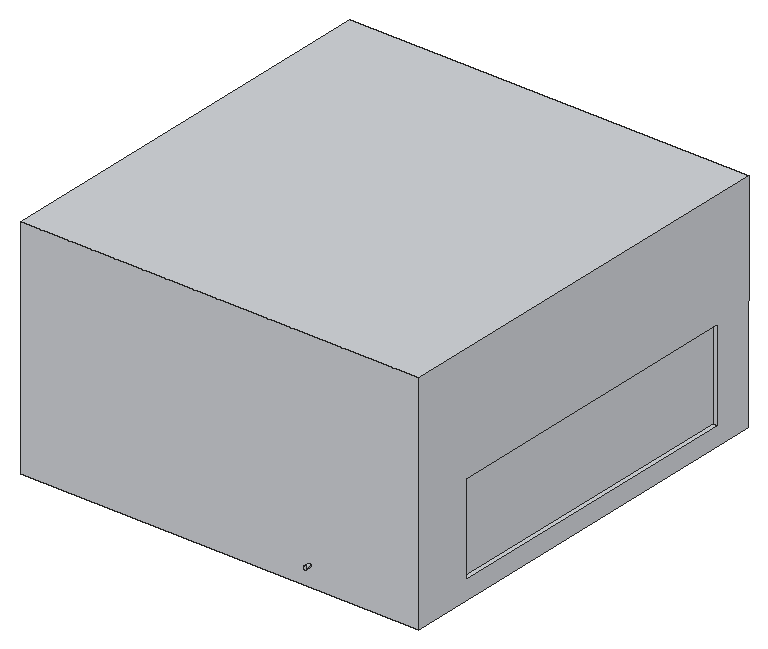
Revit family "52a0813d0e8b458280f87c9d44e6fb87", category Mechanical Equipment, Revit 2021
Family settings
  Round Connector Dimension = Use Radius
  Part Type = Normal
  OmniClass Number = 23.75.10.24.21.27.14
  OmniClass Title = Packaged Rooftop Air Conditioning Units
  Seek Item ID = Rooftop AC Unit - 15-25 Tons -Side Return Connection-0000-USA-ENU
  Work Plane-Based = No
  Always vertical = Yes
  Cut with Voids When Loaded = No
  Shared = No
  Room Calculation Point = No
Parameters (values of type "20 Ton")
  Voltage [instance] = 460 V  # constant formula
  SupplyX = 1' - 8"
  UnitWidth = 6' - 11 1/2"
  UnitHeight = 3' - 11 1/4"
  UnitDepth = 7' - 2 1/8"
  SupplyYOffset = 0' - 10 13/16"
  SupplyXOffset = 3' - 0 13/16"
  Supply/Return Symbols [instance] = yes
  PartShape = "Rectangular Duct"
  Number of Poles [instance] = 3
  Min Flow = 6000
  Max Flow = 10000
  SupplyY = 5' - 8"
  Model = ""
  ReturnZOffset = 0' - 4"
  ReturnYOffset = 0' - 7 15/16"
  ReturnWidth = 5' - 6"
  ReturnHeight = 1' - 7"
  Load Classification = Cooling
  External Static Pressure [instance] = 1.80 in-wg
  Drain Radius = 3/8"
  Drain Flow [instance] = 0 GPM
  Default Elevation = 0' - 0"
  Assembly Code = ""
  Apparent Load [instance] = 27000 VA
  AirFlow - Supply [instance] = 8000 CFM
  AirFlow - Return [instance] = 8000 CFM
Types (4): name | UnitHeight | Min Flow | Max Flow | External Static Pressure | Apparent Load | AirFlow - Supply | AirFlow - Return
  15 Ton | 3' - 9" | 4500 | 7500 | 1.40 in-wg | 18000 VA | 6000 CFM | 6000 CFM
  18 Ton | 3' - 9" | 5400 | 9000 | 0.40 in-wg | 20000 VA | 7200 CFM | 7200 CFM
  25 Ton | 3' - 11 1/4" | 7000 | 11250 | 1.20 in-wg | 28000 VA | 9125 CFM | 9125 CFM
  20 Ton | 3' - 11 1/4" | 6000 | 10000 | 1.80 in-wg | 27000 VA | 8000 CFM | 8000 CFM
Reference planes (in)
  plane 1 "Center (Front/Back)": y = 0
  plane 2: z = 0
  plane 3 "Center (Left/Right)": x = 0
  plane 4: x = -23
  plane 5: z = 4
  plane 6: y = -1
Forms (in)
  Extrusion 1, solid
    sketch origin (0, 0, 10.81641) x (0, -1, 0) y (1, 0, 0)
      loop
        line (0, 0) -> (-86.125, 0) -> (-86.125, -83.5) -> (0, -83.5) -> (0, 0)
    from -10.81641 to 36.43359
  Extrusion 2, void
    sketch origin (0, 0, 10.81641) x (0, -1, 0) y (1, 0, 0)
      loop
        line (-10.8125, -36.8125) -> (-78.8125, -36.8125) -> (-78.8125, -56.8125) -> (-10.8125, -56.8125) -> (-10.8125, -36.8125)
    from -10.81641 to -9.81641
  Extrusion 3, void
    sketch origin (0, 0, 0) x (0, 1, 0) y (0, 0, 1)
      loop
        line (12.1875, 23) -> (12.1875, 4) -> (78.1875, 4) -> (78.1875, 23) -> (12.1875, 23)
    from 0 to -1
  Extrusion 4, solid
    sketch origin (0, 0, 0) x (1, 0, 0) y (0, 0, 1)
      loop
        circle (-23, 4) r 0.375
    from 0 to 1
Cuts and joins
  Extrusion 2, Extrusion 3 cuts Extrusion 1
Lines and regions (in)
  symbolic lines, visible <- "Supply/Return Symbols"
    curve 1: line (-56.8125, 10.8125, 10.81641) -> (-56.8125, 78.8125, 10.81641)
    curve 2: line (-56.8125, 78.8125, 10.81641) -> (-36.8125, 78.8125, 10.81641)
    curve 3: line (-36.8125, 78.8125, 10.81641) -> (-36.8125, 10.8125, 10.81641)
    curve 4: line (-36.8125, 10.8125, 10.81641) -> (-56.8125, 10.8125, 10.81641)
    curve 5: line (-36.8125, 78.8125, 10.81641) -> (-56.8125, 10.8125, 10.81641)
    curve 6: line (-56.8125, 78.8125, 10.81641) -> (-36.8125, 10.8125, 10.81641)
    curve 7: line (0, 12.1875, 23) -> (0, 12.1875, 4)
    curve 8: line (0, 78.1875, 23) -> (0, 12.1875, 23)
    curve 9: line (0, 78.1875, 4) -> (0, 78.1875, 23)
    curve 10: line (0, 12.1875, 4) -> (0, 78.1875, 4)
    curve 11: line (0, 78.1875, 23) -> (0, 12.1875, 4)
Dimensions and locks (in)
  "UnitWidth": Extrusion 1 sketch curve to plane 3 "Center (Left/Right)"
  "UnitDepth": plane 1 "Center (Front/Back)" to Extrusion 1 sketch curve
  "SupplyYOffset": cut or joined group of Extrusion 1, Extrusion 2, Extrusion 3 to Extrusion 2 sketch curve
  "SupplyY": Extrusion 2 sketch curve to Extrusion 2 sketch curve
  "SupplyXOffset": Extrusion 2 sketch curve to plane 3 "Center (Left/Right)"
  "SupplyX": Extrusion 2 sketch curve to Extrusion 2 sketch curve
  Extrusion 2 to plane 2 = 0' - 1"
  "UnitHeight": cut or joined group of Extrusion 1, Extrusion 2, Extrusion 3 to cut or joined group of Extrusion 1, Extrusion 2, Extrusion 3
  "ReturnYOffset": Extrusion 3 sketch curve to cut or joined group of Extrusion 1, Extrusion 2, Extrusion 3
  "ReturnWidth": Extrusion 3 sketch curve to Extrusion 3 sketch curve
  "ReturnHeight": Extrusion 3 sketch curve to Extrusion 3 sketch curve
  "ReturnZOffset": Extrusion 3 sketch curve to plane 2
  locked: plane 4 to plane 3 "Center (Left/Right)" at 23
  plane 5 to plane 2 = 0' - 4"
  locked: plane 6 to plane 1 "Center (Front/Back)" at 1
  "Drain Radius": radius of Extrusion 4 sketch curve
  aligned and locked: plane 3 "Center (Left/Right)" to Extrusion 1 sketch curve
  aligned and locked: plane 1 "Center (Front/Back)" to Extrusion 1 sketch curve
  aligned and locked: Extrusion 1 to level
  aligned and locked: Extrusion 2 to level
  aligned and locked: curve 1 to cut or joined group of Extrusion 1, Extrusion 2, Extrusion 3
  aligned and locked: curve 2 to cut or joined group of Extrusion 1, Extrusion 2, Extrusion 3
  aligned and locked: curve 3 to cut or joined group of Extrusion 1, Extrusion 2, Extrusion 3
  aligned and locked: curve 4 to cut or joined group of Extrusion 1, Extrusion 2, Extrusion 3
  aligned and locked: curve 7 to cut or joined group of Extrusion 1, Extrusion 2, Extrusion 3
  aligned and locked: curve 8 to cut or joined group of Extrusion 1, Extrusion 2, Extrusion 3
  aligned and locked: curve 9 to cut or joined group of Extrusion 1, Extrusion 2, Extrusion 3
  aligned and locked: curve 10 to cut or joined group of Extrusion 1, Extrusion 2, Extrusion 3
  aligned and locked: plane 4 to Extrusion 4 sketch curve
  aligned and locked: plane 5 to Extrusion 4 sketch curve
  aligned and locked: Extrusion 4 to plane 1 "Center (Front/Back)"
  aligned and locked: Extrusion 4 to plane 6
Connectors (in)
  hvac at (-46.8125, 44.8125, 1), driven by "SupplyY", driven by "SupplyX", driven by "AirFlow - Supply"
    settings: on cut or joined group of Extrusion 1, Extrusion 2, Extrusion 3, index 0, duct flow 8000 CFM, flow factor 0, pres drop 0.00 in-wg, loss coef 0, conn angle 0.00°, conn width 20", conn height 68", conn diameter 24", duct sys type 1, conn prof type 1, flow config 0, flow direction 2, loss method 0, conn ref index 1, conn util no, is conn primary yes, conn desc ""
  hvac at (-1, 45.1875, 13.5), driven by "ReturnHeight", driven by "ReturnWidth", driven by "AirFlow - Return"
    settings: on cut or joined group of Extrusion 1, Extrusion 2, Extrusion 3, index 1, duct flow 8000 CFM, flow factor 0, pres drop 0.00 in-wg, loss coef 0, conn angle 0.00°, conn width 66", conn height 19", conn diameter 24", duct sys type 2, conn prof type 1, flow config 0, flow direction 1, loss method 0, conn ref index 0, conn util no, is conn primary no, conn desc ""
  electrical at (-41.75, 86.125, 23.625), driven by "Apparent Load", driven by "Voltage", driven by "Number of Poles", driven by "Load Classification"
    settings: on cut or joined group of Extrusion 1, Extrusion 2, Extrusion 3, index 2, voltage 460 V, apparent load 27000 VA, apparent load phase1 0 VA, apparent load phase2 0 VA, apparent load phase3 0 VA, power factor 0.8, load classification "Cooling", number of poles 3, system type 30, power factor state 1, is connector primary yes, connector utility no, sub classification motor no, connector description ""
  piping at (-23, -1, 4), diameter 0.75, driven by "Drain Flow", driven by "Drain Radius"
    settings: on Extrusion 4, index 3, connector inside diameter 3/4", connector length 0' - 0", flow factor 0, pipe flow 0 GPM, pressure drop 0.00 psi, fitting loss kfactor 0, connector angle 0.00°, fixture units 0, engagement length 0' - 0", angle of deflection 0.00°, flow configuration 1, flow direction 1, fitting loss method 0, system type 16, joint type 0, gender type 0, connector reference index -1, connector utility 0, adjustable connector yes, is connector primary yes, connector description ""
